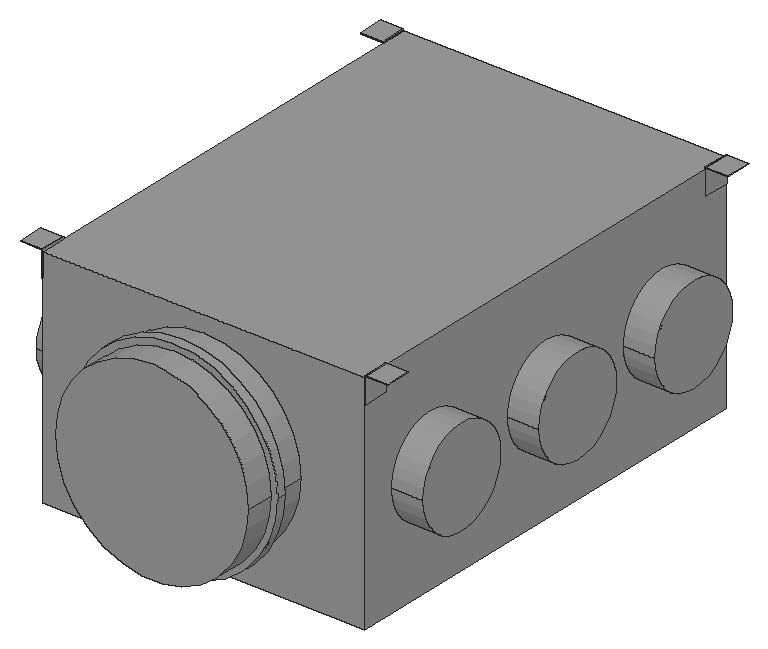
Revit family "FASU(F7-150 300Φ)", category ダクト付属品, Revit 2020
Family settings
  丸型コネクタ寸法 = 直径を使用
  パーツ タイプ = ダンパー
  OmniClass 番号 = 23.75.00.00
  OmniClass タイトル = Climate Control (HVAC)
  作業面ベース = いいえ
  常に垂直 = はい
  ロード時にボイドで切り取り = いいえ
  共有 = いいえ
Parameters
  高さ = 350 mm
  風量 = 0.0 L/s
  符号 = "FASU"
  形式 = "F7-150 300φ"
  幅 [instance] = 500 mm
  奥行き = 700 mm
  大きさ = 250 mm
  呼称 = "FASUチャンバー"
  付属品_下端レベル [instance] = 0 mm
  マテリアル [instance] = 既定値
  ダクト_イン = 300 mm
  ダクト_アウト = 150 mm
  既定の高さ = 0 mm
Reference planes
  plane 1 "中心(正面/背面)": y = 0
  plane 2: z = 0
  plane 3 "中心(左/右)": x = 0
  plane 4: x = -250
  plane 5: x = 250
  plane 6: y = -700
  plane 7: z = 350
  plane 8: z = 175
  plane 9: z = 266.963
  plane 10: z = 86.159
  plane 11: x = -251
  plane 12: z = 313.122
  plane 13: z = 352.122
  plane 14: y = -350
Forms (mm)
  Extrusion 1, solid, material "既定値" <- "マテリアル"
    sketch origin (0, 0, 0) x (1, 0, 0) y (0, 1, 0)
      loop
        line (-250, 0) -> (-250, -700) -> (250, -700) -> (250, 0) -> (-250, 0)
    from 0 to 350
  Extrusion 2, solid, material "既定値" <- "マテリアル"
    sketch origin (0, -30, 0) x (1, 0, 0) y (0, 1, 0)
      loop
        line (-250, 30) -> (-251, 30) -> (-251, -10) -> (-250, -10) -> (-250, 30)
    from 313.122 to 350
  Extrusion 3, solid, material "既定値" <- "マテリアル"
    sketch origin (0, -30, 0) x (1, 0, 0) y (0, 1, 0)
      loop
        line (-285, 30) -> (-285, -10) -> (-251, -10) -> (-251, 30) -> (-285, 30)
    from 352.122 to 350
  Extrusion 4, solid, material "既定値" <- "マテリアル"
    sketch origin (0, -30, 0) x (-1, 0, 0) y (0, -1, 0)
      loop
        line (-250, -30) -> (-250, 10) -> (-251, 10) -> (-251, -30) -> (-250, -30)
    from 313.122 to 353.122
  Extrusion 5, solid, material "既定値" <- "マテリアル"
    sketch origin (0, -30, 0) x (-1, 0, 0) y (0, -1, 0)
      loop
        line (-285, -30) -> (-251, -30) -> (-251, 10) -> (-285, 10) -> (-285, -30)
    from 352.122 to 353.122
  Extrusion 6, solid, material "既定値" <- "マテリアル"
    sketch origin (0, -490, 0) x (1, 0, 0) y (0, 1, 0)
      loop
        line (-285, -170) -> (-285, -210) -> (-251, -210) -> (-251, -170) -> (-285, -170)
    from 352.122 to 353.122
  Extrusion 7, solid, material "既定値" <- "マテリアル"
    sketch origin (0, -490, 0) x (1, 0, 0) y (0, 1, 0)
      loop
        line (-250, -170) -> (-251, -170) -> (-251, -210) -> (-250, -210) -> (-250, -170)
    from 313.122 to 353.122
  Extrusion 8, solid, material "既定値" <- "マテリアル"
    sketch origin (0, -490, 0) x (-1, 0, 0) y (0, -1, 0)
      loop
        line (-285, 170) -> (-251, 170) -> (-251, 210) -> (-285, 210) -> (-285, 170)
    from 352.122 to 353.122
  Extrusion 9, solid, material "既定値" <- "マテリアル"
    sketch origin (0, -490, 0) x (-1, 0, 0) y (0, -1, 0)
      loop
        line (-250, 170) -> (-250, 210) -> (-251, 210) -> (-251, 170) -> (-250, 170)
    from 313.122 to 353.122
  Extrusion 10, solid, material "既定値" <- "マテリアル"
    sketch origin (550, -582.5, 0) x (0, -1, 0) y (0, 0, -1)
      loop
        circle (-232.5, -175) r 74.985
    from -300 to -250
  Extrusion 11, solid, material "既定値" <- "マテリアル"
    sketch origin (-550, -582.5, 0) x (0, -1, 0) y (0, 0, 1)
      loop
        circle (-232.5, 175) r 74.985
    from -300 to -250
  Extrusion 12, solid, material "既定値" <- "マテリアル"
    sketch origin (0, -700, 0) x (1, 0, 0) y (0, 0, 1)
      loop
        circle (0, 175) r 150
    from 0 to 42.5
  Extrusion 13, solid, material "既定値" <- "マテリアル"
    sketch origin (0, -743, 0) x (1, 0, 0) y (0, 0, 1)
      loop
        circle (0, 175) r 160
    from -0.5 to 14.5
  Extrusion 14, solid, material "既定値" <- "マテリアル"
    sketch origin (0, -757.5, 0) x (1, 0, 0) y (0, 0, 1)
      loop
        circle (0, 175) r 150
    from 0 to 42.5
  Extrusion 15, solid, material "既定値" <- "マテリアル"
    sketch origin (550, -357.5, 0) x (0, -1, 0) y (0, 0, -1)
      loop
        circle (-232.5, -175) r 74.985
    from -300 to -250
  Extrusion 16, solid, material "既定値" <- "マテリアル"
    sketch origin (-550, -357.5, 0) x (0, -1, 0) y (0, 0, 1)
      loop
        circle (-232.5, 175) r 74.985
    from -300 to -250
  Extrusion 17, solid, material "既定値" <- "マテリアル"
    sketch origin (550, -142.5, 0) x (0, 1, 0) y (0, 0, 1)
      loop
        circle (-432.5, 175) r 74.985
    from -300 to -250
  Extrusion 18, solid, material "既定値" <- "マテリアル"
    sketch origin (0, -142.5, 0) x (0, 1, 0) y (0, 0, 1)
      loop
        circle (-432.5, 175) r 74.985
    from -300 to -250
  Extrusion 19, solid, material "既定値" <- "マテリアル"
    sketch origin (232.5, 300, 0) x (1, 0, 0) y (0, 0, -1)
      loop
        circle (-232.5, -175) r 74.985
    from -300 to -250
Lines and regions (mm)
  model lines
    curve 1: line (-250, -30, 0) -> (250, -30, 0)
    curve 2: line (-250, -670, 0) -> (250, -670, 0)
Text (mm)
  text "FASU(F7-150 300Φ)" at (3.713, -630.412, 0), in view "参照レベル"
Dimensions and locks
  equal spacing: plane 4, plane 3 "中心(左/右)", plane 5
  "幅": plane 4 to plane 5
  "奥行き": plane 6 to plane 1 "中心(正面/背面)"
  "高さ": plane 7 to level
  equal spacing: plane 7, plane 8, level
  equal spacing: plane 6, plane 14, plane 1 "中心(正面/背面)"
  aligned and locked: level to plane 2
  aligned and locked: Extrusion 1 sketch curve to plane 5
  aligned and locked: plane 7 to Extrusion 1
  aligned and locked: Extrusion 2 sketch curve to Extrusion 1
  aligned and locked: plane 7 to Extrusion 2
  aligned and locked: Extrusion 3 sketch curve to Extrusion 2
  aligned and locked: Extrusion 2 to Extrusion 3 sketch curve
  aligned and locked: plane 7 to Extrusion 3
  aligned and locked: Extrusion 3 to plane 13
  aligned and locked: Extrusion 4 to Extrusion 5 sketch curve
  aligned and locked: Extrusion 5 sketch curve to Extrusion 4
  aligned and locked: Extrusion 1 to Extrusion 8
  aligned and locked: Extrusion 6 to Extrusion 1
  aligned and locked: Extrusion 7 to Extrusion 1
  aligned and locked: Extrusion 1 to Extrusion 9
  aligned and locked: Extrusion 9 to Extrusion 8
  aligned and locked: Extrusion 7 to Extrusion 6
  aligned and locked: plane 4 to Extrusion 7
  aligned and locked: Extrusion 9 to plane 5
  aligned and locked: plane 4 to curve 1
  aligned and locked: plane 5 to curve 1
  aligned and locked: plane 5 to curve 2
  aligned and locked: Extrusion 1 to Extrusion 3
  aligned and locked: Extrusion 5 to Extrusion 1
  aligned and locked: Extrusion 4 to plane 5
  aligned and locked: Extrusion 1 to plane 6
  aligned and locked: Extrusion 1 to plane 1 "中心(正面/背面)"
  aligned and locked: plane 6 to Extrusion 12
  aligned and locked: Extrusion 15 to plane 5
  aligned and locked: plane 4 to Extrusion 16
  aligned and locked: Extrusion 17 to plane 5
  aligned and locked: plane 4 to Extrusion 18
Automatic sketch dimensions
  curve 2 to plane 4 = 0 mm
  plane 6 to curve 2 = 30 mm
  plane 1 "中心(正面/背面)" to curve 1 = 30 mm
  Extrusion 1 sketch curve to plane 4 = 0 mm
  Extrusion 1 sketch curve to plane 6 = 0 mm
  plane 1 "中心(正面/背面)" to Extrusion 1 sketch curve = 0 mm
  plane 1 "中心(正面/背面)" to Extrusion 2 sketch curve = 0 mm
  Extrusion 2 sketch curve to plane 11 = 0 mm
  Extrusion 2 sketch curve to Extrusion 2 sketch curve = 40 mm
  plane 1 "中心(正面/背面)" to Extrusion 3 sketch curve = 0 mm
  Extrusion 3 sketch curve to Extrusion 3 sketch curve = 34 mm
  plane 1 "中心(正面/背面)" to Extrusion 4 sketch curve = 0 mm
  Extrusion 4 sketch curve to plane 5 = 0 mm
  Extrusion 4 sketch curve to Extrusion 4 sketch curve = 1 mm
  Extrusion 4 sketch curve to Extrusion 4 sketch curve = 40 mm
  plane 1 "中心(正面/背面)" to Extrusion 5 sketch curve = 0 mm
  Extrusion 5 sketch curve to Extrusion 5 sketch curve = 34 mm
  Extrusion 6 sketch curve to plane 6 = 0 mm
  Extrusion 6 sketch curve to plane 11 = 0 mm
  Extrusion 6 sketch curve to plane 11 = 34 mm
  plane 6 to Extrusion 6 sketch curve = 40 mm
  Extrusion 7 sketch curve to plane 11 = 0 mm
  Extrusion 7 sketch curve to plane 4 = 0 mm
  Extrusion 7 sketch curve to plane 6 = 0 mm
  plane 6 to Extrusion 7 sketch curve = 40 mm
  Extrusion 8 sketch curve to plane 6 = 0 mm
  Extrusion 8 sketch curve to plane 5 = 35 mm
  Extrusion 8 sketch curve to plane 5 = 1 mm
  Extrusion 8 sketch curve to Extrusion 8 sketch curve = 40 mm
  Extrusion 9 sketch curve to plane 6 = 0 mm
  Extrusion 9 sketch curve to plane 5 = 0 mm
  Extrusion 9 sketch curve to Extrusion 9 sketch curve = 1 mm
  Extrusion 9 sketch curve to Extrusion 9 sketch curve = 40 mm
  Extrusion 10 sketch curve to plane 8 = 0 mm
  Extrusion 10 sketch curve to plane 14 = 0 mm
  Extrusion 11 sketch curve to plane 8 = 0 mm
  Extrusion 11 sketch curve to plane 14 = 0 mm
  Extrusion 12 sketch curve to plane 3 "中心(左/右)" = 0 mm
  Extrusion 12 sketch curve to plane 8 = 0 mm
  Extrusion 13 sketch curve to plane 3 "中心(左/右)" = 0 mm
  Extrusion 13 sketch curve to plane 8 = 0 mm
  Extrusion 14 sketch curve to plane 3 "中心(左/右)" = 0 mm
  Extrusion 14 sketch curve to plane 8 = 0 mm
  Extrusion 15 sketch curve to plane 8 = 0 mm
  plane 1 "中心(正面/背面)" to Extrusion 15 sketch curve = 125 mm
  Extrusion 16 sketch curve to plane 8 = 0 mm
  plane 1 "中心(正面/背面)" to Extrusion 16 sketch curve = 125 mm
  Extrusion 17 sketch curve to plane 8 = 0 mm
  plane 6 to Extrusion 17 sketch curve = 125 mm
  Extrusion 18 sketch curve to plane 8 = 0 mm
  plane 6 to Extrusion 18 sketch curve = 125 mm
  Extrusion 19 sketch curve to plane 3 "中心(左/右)" = 0 mm
  Extrusion 19 sketch curve to plane 8 = 0 mm
  radius of Extrusion 10 sketch curve = 74.985 mm
  radius of Extrusion 11 sketch curve = 74.985 mm
  radius of Extrusion 12 sketch curve = 150 mm
  radius of Extrusion 13 sketch curve = 160 mm
  radius of Extrusion 14 sketch curve = 150 mm
  radius of Extrusion 15 sketch curve = 74.985 mm
  radius of Extrusion 16 sketch curve = 74.985 mm
  radius of Extrusion 17 sketch curve = 74.985 mm
  radius of Extrusion 18 sketch curve = 74.985 mm
  radius of Extrusion 19 sketch curve = 74.985 mm
Connectors
  hvac at (-300, -575, 175), driven by "ダクト_アウト"
    settings: on Extrusion 18, index 1, duct flow 0.0 L/s, flow factor 0, pres drop 0.0 Pa, loss coef 0, conn angle 0.00°, conn width 304.8 mm, conn height 304.8 mm, conn diameter 150 mm, duct sys type 29, conn prof type 0, flow config 0, flow direction 2, loss method 0, conn ref index -1, conn util no, is conn primary yes, conn desc ""
  hvac at (-300, -350, 175), driven by "ダクト_アウト"
    settings: on Extrusion 11, index 2, duct flow 0.0 L/s, flow factor 0, pres drop 0.0 Pa, loss coef 0, conn angle 0.00°, conn width 304.8 mm, conn height 304.8 mm, conn diameter 150 mm, duct sys type 29, conn prof type 0, flow config 0, flow direction 2, loss method 0, conn ref index -1, conn util no, is conn primary no, conn desc ""
  hvac at (-300, -125, 175), driven by "ダクト_アウト"
    settings: on Extrusion 16, index 3, duct flow 0.0 L/s, flow factor 0, pres drop 0.0 Pa, loss coef 0, conn angle 0.00°, conn width 304.8 mm, conn height 304.8 mm, conn diameter 150 mm, duct sys type 29, conn prof type 0, flow config 0, flow direction 2, loss method 0, conn ref index -1, conn util no, is conn primary no, conn desc ""
  hvac at (0, 50, 175), driven by "ダクト_アウト"
    settings: on Extrusion 19, index 4, duct flow 0.0 L/s, flow factor 0, pres drop 0.0 Pa, loss coef 0, conn angle 0.00°, conn width 304.8 mm, conn height 304.8 mm, conn diameter 150 mm, duct sys type 29, conn prof type 0, flow config 0, flow direction 2, loss method 0, conn ref index -1, conn util no, is conn primary no, conn desc ""
  hvac at (300, -125, 175), driven by "ダクト_アウト"
    settings: on Extrusion 15, index 5, duct flow 0.0 L/s, flow factor 0, pres drop 0.0 Pa, loss coef 0, conn angle 0.00°, conn width 304.8 mm, conn height 304.8 mm, conn diameter 150 mm, duct sys type 29, conn prof type 0, flow config 0, flow direction 2, loss method 0, conn ref index -1, conn util no, is conn primary no, conn desc ""
  hvac at (300, -350, 175), driven by "ダクト_アウト"
    settings: on Extrusion 10, index 6, duct flow 0.0 L/s, flow factor 0, pres drop 0.0 Pa, loss coef 0, conn angle 0.00°, conn width 304.8 mm, conn height 304.8 mm, conn diameter 150 mm, duct sys type 29, conn prof type 0, flow config 0, flow direction 2, loss method 0, conn ref index -1, conn util no, is conn primary no, conn desc ""
  hvac at (300, -575, 175), driven by "ダクト_アウト"
    settings: on Extrusion 17, index 7, duct flow 0.0 L/s, flow factor 0, pres drop 0.0 Pa, loss coef 0, conn angle 0.00°, conn width 304.8 mm, conn height 304.8 mm, conn diameter 150 mm, duct sys type 29, conn prof type 0, flow config 0, flow direction 2, loss method 0, conn ref index -1, conn util no, is conn primary no, conn desc ""
  hvac at (0, -800, 175), driven by "ダクト_イン"
    settings: on Extrusion 14, index 8, duct flow 0.0 L/s, flow factor 0, pres drop 0.0 Pa, loss coef 0, conn angle 0.00°, conn width 304.8 mm, conn height 304.8 mm, conn diameter 300 mm, duct sys type 29, conn prof type 0, flow config 0, flow direction 1, loss method 0, conn ref index -1, conn util no, is conn primary no, conn desc ""
